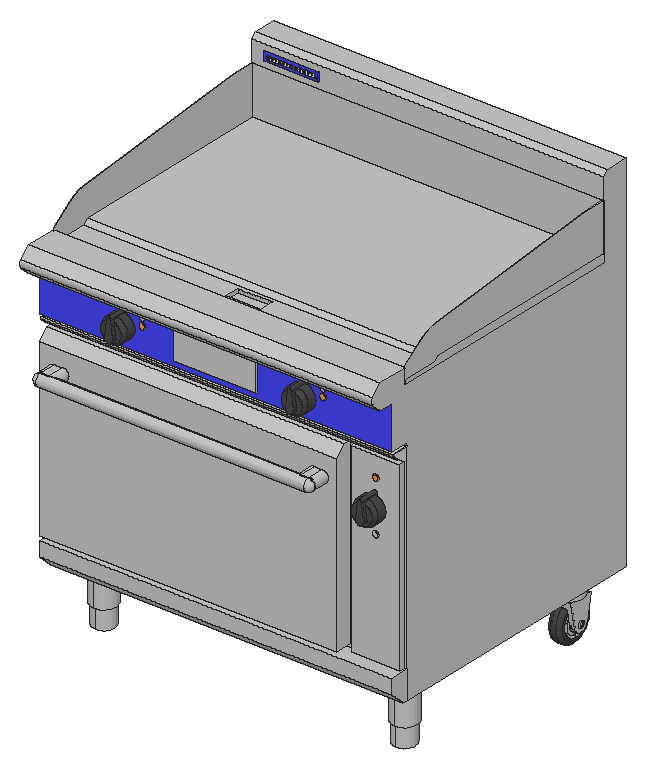
Revit family "QF_MOFFAT_BLUESEAL_AU_GPE506", category Specialty Equipment, Revit 2012
Parameters
  Width = 900 mm
  Weight in Pounds = 336  # constant formula
  Watts = 6500 W
  Volts = 400 V
  URL Cutsheet = "www.moffat.com"
  URL = "www.moffat.com"
  Type Mark [instance] = ""
  Status [instance] = ""
  Specification by User [instance] = ""
  Specification by Manufacturer = ""
  Show Logo [instance] = yes
  Show Clearance [instance] = yes
  Show Casters [instance] = yes
  Serial Number = ""
  Seismic Rating = ""
  SMACNA No = ""
  Revision Code [instance] = ""
  Phase = 3
  Omniclass Number and Title = ""
  Number of Poles [instance] = 1
  NAFEM Spec ID Number = ""
  Model = "GPE506"
  Min Ckt Ampacity = 0 A
  Mechanical Remarks = ""
  Mechanical Connection Type = ""
  Max Overcurrent Protection = 0 A
  Masterspec = ""
  Manufacturer = "MOFFAT BLUESEAL"
  Legs [instance] = no
  Item Number [instance] = ""
  Installed By [instance] = ""
  Identify Quantity as Lot [instance] = yes
  Height = 1085 mm
  HP = ""
  Gas Size = 3/4"
  Gas RI Height [instance] = 0 mm
  Gas KW = 22.2
  Gas Input = 75825.0 Btu/h
  Gas Connection Height = 0 mm
  Furnished By [instance] = ""
  Foodservice Equipment Identifier [instance] = yes
  FL Amps = 9.4 A
  Electrical Remarks [instance] = "9.4A PER PHASE"
  Electric Connection Type [instance] = ""
  Elec Conn RI Height [instance] = 0 mm
  Elec Conn Connection Height [instance] = 0 mm
  Description = "900MM GAS RANGE WITH ELECTRIC STATIC OVEN"
  Depth = 812 mm
  Cycle = 50 Hz
  Conn Plug = ""
  Conn Conduit = yes
  CSI MasterFormat = ""
  CSI Master Format = ""
  Body Finish = QF_Finishes_Stainless Steel
  Apparent Power = if(Phase = 3, Volts * FL Amps * 1.73, Volts * FL Amps)  # 6504.8 VA
Reference planes
  plane 1 "BACK": y = 0
  plane 2: z = 0
  plane 3 "LEFT": x = 0
  plane 4 "RIGHT": x = 900
  plane 5 "FRONT": y = -812
  plane 6 "TOP": z = 970
  plane 7 "Center Y": x = 450
  plane 8 "Center X": y = -406
  plane 9: x = 280
  plane 10: x = 834.5
  plane 11: y = -32
  plane 12: z = 1085
  plane 13: z = 150
  plane 14: z = 740
  plane 15: x = 65.5
  plane 16: y = -100
  plane 17: y = -625
Forms (mm)
  Extrusion 1, solid, material "QF_Finishes_Stainless Steel" <- "Body Finish"
    sketch origin (0, 0, 0) x (0, 1, 0) y (0, 0, 1)
      loop
        line (0, 150) -> (0, 1085) -> (-58.9, 1085) -> (-70, 1073.9) -> (-70, 876.94) -> (-704.45, 876.94) -> (-704.45, 915) -> (-784.74, 915) -> (-808.31, 891.429)
        arc (-808.31, 891.429) -> (-812.002, 882.517) -> (-808.31, 873.604) r 12.604
        line (-808.31, 873.604) -> (-785.265, 850.559) -> (-748.2, 850.559) -> (-748.2, 740.5) -> (-699.05, 740.5) -> (-699.05, 150) -> (0, 150)
      loop
        line (-700.429, 732.9) -> (-743.335, 732.9)
        arc (-743.335, 732.9) -> (-745.599, 731.388) -> (-745.068, 728.718) r 2.45
        line (-745.068, 728.718) -> (-730.865, 714.515) -> (-730.158, 715.222) -> (-744.36, 729.425)
        arc (-744.36, 729.425) -> (-744.675, 731.005) -> (-743.335, 731.9) r 1.45
        line (-743.335, 731.9) -> (-700.429, 731.9) -> (-700.429, 732.9)
      loop
        line (-713.1, 150) -> (-699.5, 150) -> (-699.5, 221.7) -> (-748.5, 221.7) -> (-748.5, 185.4) -> (-713.1, 150)
    from 0 to 900
  Extrusion 2, solid, material "QF_Finishes_Stainless Steel"
    sketch origin (0, 0, 0) x (0, 1, 0) y (0, 0, 1)
      loop
        line (-724.715, 700.925) -> (-748.715, 676.925) -> (-748.715, 233.675) -> (-708.715, 233.675) -> (-708.715, 700.925) -> (-724.715, 700.925)
    from 0 to 760
  Extrusion 3, solid, material "QF_Finishes_Stainless Steel"
    sketch origin (723.5, 0, 0) x (0, 1, 0) y (0, 0, 1)
      loop
        line (-708.715, 700) -> (-721, 700) -> (-721, 227.5) -> (-708.715, 227.5) -> (-708.715, 700)
    from 51.5 to 176.5
  Revolve 4, solid, material "QF_Finishes_Stainless Steel" <- "Body Finish"
    sketch origin (834.5, -696.126, 0) x (0, 1, 0) y (0, 0, -1)
      loop
        line (39.376, -150) -> (71.126, -150) -> (71.126, 0) -> (43.626, 0) -> (43.626, -50) -> (39.376, -50) -> (39.376, -150)
      axis (71.126, -150) -> (71.126, 0)
    angle from 0 to 360
  Revolve 5, solid, material "QF_Finishes_Stainless Steel" <- "Body Finish"
    sketch origin (65.5, -696.126, 0) x (0, 1, 0) y (0, 0, 1)
      loop
        line (39.376, 150) -> (39.376, 50) -> (43.626, 50) -> (43.626, 0) -> (71.126, 0) -> (71.126, 150) -> (39.376, 150)
      axis (71.126, 150) -> (71.126, 0)
    angle from 0 to 360
  Extrusion 6, solid, material "QF_Finishes_Stainless Steel"
    sketch origin (0, 0, 740) x (0, 1, 0) y (1, 0, 0)
      loop
        circle (-32, 770) r 10
    from 0 to -3
  Revolve 7, solid, material "QF_Finishes_Black"
    sketch origin (837.495, 73.874, -213.6) x (0, 1, 0) y (0, 0, 1)
      loop
        line (-827.874, 829.5) -> (-838.874, 823.651) -> (-838.874, 797) -> (-794.874, 797) -> (-794.874, 802) -> (-804.874, 802) -> (-804.874, 829.5) -> (-827.874, 829.5)
      axis (-838.874, 797) -> (-794.874, 797)
    angle from 0 to 360
  Extrusion 8, solid, material "QF_Finishes_Black"
    sketch origin (689.688, 35, -213.6) x (1, 0, 0) y (0, 0, 1)
      loop
        line (158.226, 786.195) -> (152.806, 829.113)
        arc (152.806, 829.113) -> (147.807, 834) -> (142.808, 829.113) r 5
        line (142.808, 829.113) -> (137.319, 785.028)
        arc (137.319, 785.028) -> (148.391, 774.529) -> (158.226, 786.195) r 10.487
    from 759 to 808
  Extrusion 9, solid, material "QF_Door-Drawer Clearances", visible <- "Show Clearance", detail levels coarse
    sketch origin (0, 0, 0) x (0, -1, 0) y (0, 0, 1)
      loop
        line (748.715, 703.522) -> (748.715, 233.675) -> (1218.562, 233.675)
        arc (1218.562, 233.675) -> (1080.947, 565.907) -> (748.715, 703.522) r 469.847
    from 0 to -760
  Extrusion 10, void
    sketch origin (0, 0, 222.5) x (1, 0, 0) y (0, 1, 0)
      loop
        line (824, -87) -> (824, 0) -> (694, 0) -> (694, -39) -> (744, -87) -> (824, -87)
    from 0 to 517.5
  Extrusion 11, solid, material "QF_Finishes_Stainless Steel"
    sketch origin (0, -749, 227.5) x (0, 0, 1) y (-1, 0, 0)
      loop
        line (380.625, -38.246) -> (380.625, -58.528)
        arc (380.625, -58.528) -> (395.625, -73.528) -> (410.625, -58.528) r 15
        line (410.625, -58.528) -> (410.625, -38.246)
        arc (410.625, -38.246) -> (395.625, -23.246) -> (380.625, -38.246) r 15
      loop
        arc (380.625, -723.039) -> (395.625, -738.039) -> (410.625, -723.039) r 15
        line (410.625, -723.039) -> (410.625, -702.757)
        arc (410.625, -702.757) -> (395.625, -687.757) -> (380.625, -702.757) r 15
        line (380.625, -702.757) -> (380.625, -723.039)
    from 0 to 44
  Revolve 12, solid, material "QF_Finishes_Stainless Steel"
    sketch origin (0, -793, 0) x (1, 0, 0) y (0, 0, 1)
      loop
        arc (738.039, 623.125) -> (733.646, 633.732) -> (723.039, 638.125) r 15
        line (723.039, 638.125) -> (38.246, 638.125)
        arc (38.246, 638.125) -> (27.64, 633.732) -> (23.246, 623.125) r 15
        line (23.246, 623.125) -> (738.039, 623.125)
      axis (738.039, 623.125) -> (23.246, 623.125)
    angle from 0 to 360
  Revolve 13, solid, material "QF_Finishes_Black"
    sketch origin (217.5, 14.8, 598.3) x (0, 1, 0) y (0, 0, -1)
      loop
        line (-796, -229.5) -> (-773, -229.5) -> (-773, -202) -> (-763, -202) -> (-763, -197) -> (-807, -197) -> (-807, -223.651) -> (-796, -229.5)
      axis (-807, -197) -> (-763, -197)
    angle from 0 to 360
  Extrusion 14, solid, material "QF_Finishes_Black"
    sketch origin (355.77, 7.8, 598.458) x (-1, 0, 0) y (0, 0, -1)
      loop
        line (127.85, -186.037) -> (133.271, -228.955)
        arc (133.271, -228.955) -> (138.27, -233.842) -> (143.268, -228.955) r 5
        line (143.268, -228.955) -> (148.757, -184.87)
        arc (148.757, -184.87) -> (137.685, -174.371) -> (127.85, -186.037) r 10.487
    from 759 to 808
  Extrusion 15, solid, material "QF_Finishes_Stainless Steel"
    sketch origin (-295, -748.2, 866) x (0, 0, -1) y (1, 0, 0)
      loop
        line (24, 640) -> (110.5, 640) -> (110.5, 850) -> (24, 850) -> (24, 640)
    from 0 to 2.5
  Extrusion 16, solid, material "QF_Finishes_Stainless Steel"
    sketch origin (-295, -750.7, 866) x (0, 0, -1) y (1, 0, 0)
      loop
        line (31, 850) -> (24, 850) -> (24, 640) -> (31, 640) -> (31, 850)
    from 0 to 5
  Revolve 17, solid, material "QF_Finishes_Black"
    sketch origin (680.116, 14.8, 598.3) x (0, 1, 0) y (0, 0, 1)
      loop
        line (-796, 229.5) -> (-807, 223.651) -> (-807, 197) -> (-763, 197) -> (-763, 202) -> (-773, 202) -> (-773, 229.5) -> (-796, 229.5)
      axis (-807, 197) -> (-763, 197)
    angle from 0 to 360
  Extrusion 18, solid, material "QF_Finishes_Black"
    sketch origin (541.846, 7.8, 598.458) x (1, 0, 0) y (0, 0, 1)
      loop
        line (148.689, 186.037) -> (143.268, 228.955)
        arc (143.268, 228.955) -> (138.27, 233.842) -> (133.271, 228.955) r 5
        line (133.271, 228.955) -> (127.782, 184.87)
        arc (127.782, 184.87) -> (138.854, 174.371) -> (148.689, 186.037) r 10.487
    from 759 to 808
  Extrusion 19, solid, material "QF_Finishes_Orange"
    sketch origin (0, -748.2, 866) x (0, 0, -1) y (1, 0, 0)
      loop
        circle (60.7, 725.121) r 7.15
      loop
        circle (60.7, 262.505) r 7.15
    from 0 to 1
  Extrusion 20, solid, material "QF_Finishes_Stainless Steel"
    sketch origin (0, -748.2, 866) x (0, 0, -1) y (1, 0, 0)
      loop
        circle (40.7, 725.121) r 7.15
      loop
        circle (40.7, 262.505) r 7.15
    from 0 to 1
  Revolve 21, solid, material "QF_Finishes_Stainless Steel", visible <- "Legs"
    sketch origin (834.5, -210, 0) x (0, 1, 0) y (0, 0, -1)
      loop
        line (78.25, -150) -> (110, -150) -> (110, 0) -> (82.5, 0) -> (82.5, -50) -> (78.25, -50) -> (78.25, -150)
      axis (110, -150) -> (110, 0)
    angle from 0 to 360
  Revolve 22, solid, material "QF_Finishes_Stainless Steel", visible <- "Legs"
    sketch origin (65, -210, 0) x (0, 1, 0) y (0, 0, -1)
      loop
        line (78.25, -150) -> (110, -150) -> (110, 0) -> (82.5, 0) -> (82.5, -50) -> (78.25, -50) -> (78.25, -150)
      axis (110, -150) -> (110, 0)
    angle from 0 to 360
  Revolve 23, solid, material "QF_Finishes_Stainless Steel", visible <- "Legs"
    sketch origin (65.5, -166, 0) x (0, 1, 0) y (0, 0, 1)
      loop
        line (34.25, 150) -> (34.25, 50) -> (38.5, 50) -> (38.5, 0) -> (66, 0) -> (66, 150) -> (34.25, 150)
      axis (66, 150) -> (66, 0)
    angle from 0 to 360
  Revolve 24, solid, material "QF_Finishes_Stainless Steel", visible <- "Legs"
    sketch origin (835, -166, 0) x (0, 1, 0) y (0, 0, -1)
      loop
        line (34.25, -150) -> (66, -150) -> (66, 0) -> (38.5, 0) -> (38.5, -50) -> (34.25, -50) -> (34.25, -150)
      axis (66, -150) -> (66, 0)
    angle from 0 to 360
  Revolve 25, solid, material "QF_Finishes_Stainless Steel", visible <- "Show Casters"
    sketch origin (16.276, -100.755, -13.653) x (1, 0, 0) y (0, 0, 1)
      loop
        line (14.841, 63.604) -> (83.584, 63.604) -> (83.584, 67.109) -> (82.314, 68.379) -> (80.79, 68.379) -> (80.79, 71.826) -> (68.644, 71.826) -> (68.644, 81.79) -> (65.088, 83.843) -> (63.738, 92.179) -> (65.881, 92.179) -> (65.881, 98.529) -> (65.088, 98.529) -> (65.088, 104.879)
        arc (65.088, 104.879) -> (62.298, 111.614) -> (55.563, 114.404) r 9.525
        line (55.563, 114.404) -> (42.863, 114.404)
        arc (42.863, 114.404) -> (36.127, 111.614) -> (33.338, 104.879) r 9.525
        line (33.338, 104.879) -> (33.338, 98.529) -> (32.544, 98.529) -> (32.544, 92.179) -> (34.687, 92.179) -> (33.352, 83.932) -> (29.782, 81.871) -> (29.782, 71.826) -> (17.635, 71.826) -> (17.635, 68.379) -> (16.111, 68.379) -> (14.841, 67.109) -> (14.841, 63.604)
      axis (14.841, 63.604) -> (83.584, 63.604)
    angle from 0 to 360
  Extrusion 26, solid, material "QF_Finishes_Stainless Steel", visible <- "Show Casters"
    sketch origin (72.001, 132.353, -8.783) x (0, 1, 0) y (0, 0, 1)
      loop
        line (-200.603, 118.783) -> (-264.103, 118.783) -> (-251.746, 53.895)
        arc (-251.746, 53.895) -> (-232.353, 38.783) -> (-212.959, 53.895) r 20
        line (-212.959, 53.895) -> (-200.603, 118.783)
    from -35.667 to 22.923
  Revolve 27, solid, material "QF_Finishes_Stainless Steel", visible <- "Show Casters"
    sketch origin (65.5, -204, 0) x (0, 1, 0) y (0, 0, 1)
      loop
        line (68.25, 150) -> (68.25, 110) -> (104, 110) -> (104, 150) -> (68.25, 150)
      axis (104, 150) -> (104, 110)
    angle from 0 to 360
  Revolve 28, solid, material "QF_Finishes_Stainless Steel", visible <- "Legs"
    sketch origin (65.5, -166, 0) x (0, 1, 0) y (0, 0, 1)
      loop
        line (34.25, 150) -> (34.25, 50) -> (38.5, 50) -> (38.5, 0) -> (66, 0) -> (66, 150) -> (34.25, 150)
      axis (66, 150) -> (66, 0)
    angle from 0 to 360
  Extrusion 29, solid, material "QF_Finishes_Stainless Steel", visible <- "Show Casters"
    sketch origin (841.501, 132.353, -8.783) x (0, 1, 0) y (0, 0, 1)
      loop
        line (-200.603, 118.783) -> (-264.103, 118.783) -> (-251.746, 53.895)
        arc (-251.746, 53.895) -> (-232.353, 38.783) -> (-212.959, 53.895) r 20
        line (-212.959, 53.895) -> (-200.603, 118.783)
    from -35.667 to 22.923
  Revolve 30, solid, material "QF_Finishes_Stainless Steel", visible <- "Show Casters"
    sketch origin (835, -204, 0) x (0, 1, 0) y (0, 0, 1)
      loop
        line (68.25, 150) -> (68.25, 110) -> (104, 110) -> (104, 150) -> (68.25, 150)
      axis (104, 150) -> (104, 110)
    angle from 0 to 360
  Revolve 31, solid, material "QF_Finishes_Stainless Steel", visible <- "Show Casters"
    sketch origin (786.276, -100.755, -13.653) x (1, 0, 0) y (0, 0, 1)
      loop
        line (14.841, 63.604) -> (83.584, 63.604) -> (83.584, 67.109) -> (82.314, 68.379) -> (80.79, 68.379) -> (80.79, 71.826) -> (68.644, 71.826) -> (68.644, 81.79) -> (65.088, 83.843) -> (63.738, 92.179) -> (65.881, 92.179) -> (65.881, 98.529) -> (65.088, 98.529) -> (65.088, 104.879)
        arc (65.088, 104.879) -> (62.298, 111.614) -> (55.563, 114.404) r 9.525
        line (55.563, 114.404) -> (42.863, 114.404)
        arc (42.863, 114.404) -> (36.127, 111.614) -> (33.338, 104.879) r 9.525
        line (33.338, 104.879) -> (33.338, 98.529) -> (32.544, 98.529) -> (32.544, 92.179) -> (34.687, 92.179) -> (33.352, 83.932) -> (29.782, 81.871) -> (29.782, 71.826) -> (17.635, 71.826) -> (17.635, 68.379) -> (16.111, 68.379) -> (14.841, 67.109) -> (14.841, 63.604)
      axis (14.841, 63.604) -> (83.584, 63.604)
    angle from 0 to 360
  Extrusion 32, solid, material "QF_Finishes_Stainless Steel"
    sketch origin (723.5, -721, 700) x (0, 0, -1) y (1, 0, 0)
      loop
        circle (181.6, 114) r 7.15
    from 0 to 1
  Extrusion 33, solid, material "QF_Finishes_Orange"
    sketch origin (723.5, -721, 700) x (0, 0, -1) y (1, 0, 0)
      loop
        circle (51.6, 114) r 7.15
    from 0 to 1
  Extrusion 34, solid, material "QF_Finishes_Stainless Steel"
    sketch origin (0, -703.73, 150) x (1, 0, 0) y (0, -1, 0)
      loop
        circle (875, -245.73) r 9.5
      loop
        circle (831, -219.73) r 9.5
    from 0 to 1
Cuts and joins
  Extrusion 10 cuts Extrusion 1
Lines and regions (mm)
  Split face 1
    outline origin (900, 0, 1085) x (-1, 0, 0) y (0, -1, 0)
      loop
        arc (44, 45.385) -> (35.34, 40.385) -> (35.34, 30.385) r 10
        line (35.34, 30.385) -> (39.381, 23.385)
        arc (39.381, 23.385) -> (43.041, 19.725) -> (48.041, 18.385) r 10
        line (48.041, 18.385) -> (276, 18.385)
        arc (276, 18.385) -> (284.66, 23.385) -> (284.66, 33.385) r 10
        line (284.66, 33.385) -> (280.619, 40.385)
        arc (280.619, 40.385) -> (276.959, 44.045) -> (271.959, 45.385) r 10
        line (271.959, 45.385) -> (44, 45.385)
  Split face 2
    outline origin (900, 0, 1085) x (-1, 0, 0) y (0, -1, 0)
      loop
        arc (334, 45.385) -> (325.34, 40.385) -> (325.34, 30.385) r 10
        line (325.34, 30.385) -> (329.381, 23.385)
        arc (329.381, 23.385) -> (333.041, 19.725) -> (338.041, 18.385) r 10
        line (338.041, 18.385) -> (566, 18.385)
        arc (566, 18.385) -> (574.66, 23.385) -> (574.66, 33.385) r 10
        line (574.66, 33.385) -> (570.619, 40.385)
        arc (570.619, 40.385) -> (566.959, 44.045) -> (561.959, 45.385) r 10
        line (561.959, 45.385) -> (334, 45.385)
  Split face 3
    outline origin (900, 0, 1085) x (-1, 0, 0) y (0, -1, 0)
      loop
        arc (624, 45.385) -> (615.34, 40.385) -> (615.34, 30.385) r 10
        line (615.34, 30.385) -> (619.381, 23.385)
        arc (619.381, 23.385) -> (623.041, 19.725) -> (628.041, 18.385) r 10
        line (628.041, 18.385) -> (856, 18.385)
        arc (856, 18.385) -> (864.66, 23.385) -> (864.66, 33.385) r 10
        line (864.66, 33.385) -> (860.619, 40.385)
        arc (860.619, 40.385) -> (856.959, 44.045) -> (851.959, 45.385) r 10
        line (851.959, 45.385) -> (624, 45.385)
  symbolic lines, style "QF_Door-Drawer Clearances", visible <- "Show Clearance"
    curve 1: line (0, -1218.562, 0) -> (0, -812, 0)
    curve 2: line (0, -1218.562, 0) -> (760, -1218.562, 0)
    curve 3: line (760, -1218.562, 0) -> (760, -812, 0)
  symbolic lines, style "SpecialityEquipmentHiddenLines", visible <- "Show Casters"
    curve 4: line (78.456, -46.735, 0) -> (105.952, -62.61, 0)
    curve 5: line (27.656, -134.723, 0) -> (78.456, -46.735, 0)
    curve 6: line (55.152, -150.598, 0) -> (27.656, -134.723, 0)
    curve 7: line (105.952, -62.61, 0) -> (55.152, -150.598, 0)
    curve 8: line (824.652, -150.598, 0) -> (797.156, -134.723, 0)
    curve 9: line (875.452, -62.61, 0) -> (824.652, -150.598, 0)
    curve 10: line (847.956, -46.735, 0) -> (797.156, -134.723, 0)
    curve 11: line (875.452, -62.61, 0) -> (847.956, -46.735, 0)
  symbolic lines
    curve 12: line (44, -18.385, 0) -> (271.959, -18.385, 0)
    curve 13: arc (271.959, -18.385, 0) -> (276.959, -19.725, 0) -> (280.619, -23.385, 0) r 10
    curve 14: line (280.619, -23.385, 0) -> (284.66, -30.385, 0)
    curve 15: arc (284.66, -30.385, 0) -> (284.66, -40.385, 0) -> (276, -45.385, 0) r 10
    curve 16: line (276, -45.385, 0) -> (48.041, -45.385, 0)
    curve 17: arc (48.041, -45.385, 0) -> (43.041, -44.045, 0) -> (39.381, -40.385, 0) r 10
    curve 18: line (39.381, -40.385, 0) -> (35.34, -33.385, 0)
    curve 19: arc (35.34, -33.385, 0) -> (35.34, -23.385, 0) -> (44, -18.385, 0) r 10
    curve 20: line (334, -18.385, 0) -> (561.959, -18.385, 0)
    curve 21: arc (561.959, -18.385, 0) -> (566.959, -19.725, 0) -> (570.619, -23.385, 0) r 10
    curve 22: line (570.619, -23.385, 0) -> (574.66, -30.385, 0)
    curve 23: arc (574.66, -30.385, 0) -> (574.66, -40.385, 0) -> (566, -45.385, 0) r 10
    curve 24: line (566, -45.385, 0) -> (338.041, -45.385, 0)
    curve 25: arc (338.041, -45.385, 0) -> (333.041, -44.045, 0) -> (329.381, -40.385, 0) r 10
    curve 26: line (329.381, -40.385, 0) -> (325.34, -33.385, 0)
    curve 27: arc (325.34, -33.385, 0) -> (325.34, -23.385, 0) -> (334, -18.385, 0) r 10
    curve 28: line (851.959, -18.385, 0) -> (624, -18.385, 0)
    curve 29: arc (624, -18.385, 0) -> (615.34, -23.385, 0) -> (615.34, -33.385, 0) r 10
    curve 30: line (615.34, -33.385, 0) -> (619.381, -40.385, 0)
    curve 31: arc (619.381, -40.385, 0) -> (623.041, -44.045, 0) -> (628.041, -45.385, 0) r 10
    curve 32: line (628.041, -45.385, 0) -> (856, -45.385, 0)
    curve 33: arc (856, -45.385, 0) -> (864.66, -40.385, 0) -> (864.66, -30.385, 0) r 10
    curve 34: line (864.66, -30.385, 0) -> (860.619, -23.385, 0)
    curve 35: arc (860.619, -23.385, 0) -> (856.959, -19.725, 0) -> (851.959, -18.385, 0) r 10
    curve 36: line (900, 0, 0) -> (0, 0, 0)
    curve 37: line (0, 0, 0) -> (0, -812, 0)
    curve 38: line (900, -812, 0) -> (900, 0, 0)
    curve 39: line (0, -784.7, 0) -> (900, -784.7, 0)
    curve 40: line (0, -812, 0) -> (900, -812, 0)
    curve 41: line (0, -58.9, 0) -> (900, -58.9, 0)
    curve 42: line (0, -70, 0) -> (900, -70, 0)
Dimensions and locks
  equal spacing: plane 3 "LEFT", plane 7 "Center Y", plane 4 "RIGHT"
  "Width": plane 3 "LEFT" to plane 4 "RIGHT"
  equal spacing: plane 5 "FRONT", plane 8 "Center X", plane 1 "BACK"
  plane 5 "FRONT" to plane 1 "BACK" = 812 mm  (x2)
  equal spacing: plane 4 "RIGHT", plane 7 "Center Y", plane 3 "LEFT"
  plane 4 "RIGHT" to plane 3 "LEFT" = 900 mm
  plane 6 "TOP" to plane 2 = 970 mm
  plane 12 to plane 2 = 1085 mm
  plane 13 to plane 2 = 150 mm
  plane 14 to plane 2 = 740 mm
  Revolve 25 sketch curve to Revolve 25 sketch curve = 50.8 mm
  Revolve 31 sketch curve to Revolve 31 sketch curve = 50.8 mm
  cut or joined group of Extrusion 1, Extrusion 10 to plane 2 = 915 mm
  aligned and locked: level to plane 2
Automatic sketch dimensions
  Extrusion 2 sketch curve to plane 5 "FRONT" = 63.285 mm  (x2)
  Extrusion 2 sketch curve to Extrusion 2 sketch curve = 24 mm
  Extrusion 2 sketch curve to Extrusion 2 sketch curve = 40 mm
  Extrusion 2 sketch curve to plane 13 = 83.675 mm
  Extrusion 2 sketch curve to plane 14 = 63.075 mm
  Extrusion 2 sketch curve to plane 14 = 39.075 mm
  Extrusion 3 sketch curve to plane 14 = 40 mm
  Extrusion 3 sketch curve to plane 5 "FRONT" = 91 mm
  Extrusion 3 sketch curve to Extrusion 3 sketch curve = 12.285 mm  (x2)
  Extrusion 3 sketch curve to plane 13 = 77.5 mm
  plane 13 to Revolve 4 sketch curve = 0 mm
  Revolve 4 sketch curve to level = 0 mm
  Revolve 4 sketch curve to plane 17 = 0 mm  (x2)
  Revolve 4 sketch curve to Revolve 4 sketch curve = 27.5 mm
  plane 17 to Revolve 4 sketch curve = 31.75 mm
  level to Revolve 4 sketch curve = 50 mm
  Revolve 4 sketch curve to Revolve 4 sketch curve = 0 mm
  Revolve 4 sketch curve to Revolve 4 sketch curve = 55 mm
  plane 13 to Revolve 5 sketch curve = 0 mm
  Revolve 5 sketch curve to level = 0 mm
  Revolve 5 sketch curve to plane 17 = 0 mm  (x2)
  Revolve 5 sketch curve to Revolve 5 sketch curve = 27.5 mm
  plane 17 to Revolve 5 sketch curve = 31.75 mm
  Revolve 5 sketch curve to level = 55 mm
  Revolve 5 sketch curve to Revolve 5 sketch curve = 50 mm
  Revolve 5 sketch curve to Revolve 5 sketch curve = 0 mm
  Extrusion 10 to Extrusion 6 sketch curve = 32 mm
  Extrusion 10 to Extrusion 6 sketch curve = 54 mm
  Revolve 7 sketch curve to plane 5 "FRONT" = 47 mm
  Revolve 7 sketch curve to Revolve 7 sketch curve = 0 mm  (x2)
  Revolve 7 sketch curve to Revolve 7 sketch curve = 11 mm
  Revolve 7 sketch curve to Revolve 7 sketch curve = 12.7 mm
  Revolve 7 sketch curve to Revolve 7 sketch curve = 23 mm
  Revolve 7 sketch curve to Revolve 7 sketch curve = 10 mm
  Revolve 7 sketch curve to plane 14 = 156.6 mm
  Revolve 7 sketch curve to Revolve 7 sketch curve = 5 mm
  Revolve 7 sketch curve to Revolve 7 sketch curve = 26.651 mm
  Revolve 7 sketch curve to Revolve 7 sketch curve = 5.849 mm
  Extrusion 8 sketch curve to plane 10 = 7.492 mm
  Extrusion 8 sketch curve to plane 10 = 2.003 mm
  plane 10 to Extrusion 8 sketch curve = 2.995 mm  (x2)
  Extrusion 8 sketch curve to Extrusion 8 sketch curve = 4.999 mm
  Extrusion 8 sketch curve to Extrusion 8 sketch curve = 10.419 mm
  Extrusion 8 sketch curve to plane 14 = 168.6 mm
  Extrusion 8 sketch curve to Extrusion 8 sketch curve = 0.028 mm
  Extrusion 8 sketch curve to Extrusion 8 sketch curve = 44 mm
  Extrusion 8 sketch curve to Extrusion 8 sketch curve = 0.113 mm
  Extrusion 9 sketch curve to plane 5 "FRONT" = 63.285 mm
  Extrusion 9 sketch curve to plane 13 = 83.675 mm
  plane 5 "FRONT" to Extrusion 9 sketch curve = 406.562 mm
  plane 1 "BACK" to Extrusion 10 sketch curve = 0 mm
  Extrusion 10 sketch curve to plane 11 = 7 mm
  Extrusion 10 sketch curve to plane 10 = 140.5 mm
  Extrusion 10 sketch curve to plane 16 = 13 mm
  Extrusion 10 sketch curve to Extrusion 10 sketch curve = 50 mm
  Extrusion 10 sketch curve to plane 10 = 10.5 mm
  Extrusion 11 sketch curve to plane 15 = 6.972 mm
  Extrusion 11 sketch curve to plane 14 = 131.875 mm  (x2)
  Extrusion 11 sketch curve to Extrusion 11 sketch curve = 15 mm  (x2)
  Extrusion 11 sketch curve to plane 10 = 131.743 mm
  Extrusion 11 sketch curve to Extrusion 11 sketch curve = 20.282 mm  (x2)
  Revolve 12 sketch curve to plane 3 "LEFT" = 6.961 mm
  plane 3 "LEFT" to Revolve 12 sketch curve = 23.246 mm
  Revolve 12 sketch curve to Revolve 12 sketch curve = 15 mm
  plane 7 "Center Y" to Revolve 12 sketch curve = 138.039 mm
  Revolve 12 sketch curve to plane 10 = 111.461 mm
  Revolve 12 sketch curve to plane 14 = 116.875 mm
  Revolve 12 sketch curve to Revolve 12 sketch curve = 0 mm
  Revolve 13 sketch curve to plane 5 "FRONT" = 19.8 mm
  Revolve 13 sketch curve to Revolve 13 sketch curve = 0 mm  (x2)
  Revolve 13 sketch curve to Revolve 13 sketch curve = 11 mm
  Revolve 13 sketch curve to Revolve 13 sketch curve = 12.7 mm
  Revolve 13 sketch curve to Revolve 13 sketch curve = 23 mm
  Revolve 13 sketch curve to Revolve 13 sketch curve = 10 mm
  plane 14 to Revolve 13 sketch curve = 87.8 mm
  Revolve 13 sketch curve to Revolve 13 sketch curve = 5.849 mm
  Revolve 13 sketch curve to Revolve 13 sketch curve = 27.5 mm
  Revolve 13 sketch curve to Revolve 13 sketch curve = 5 mm
  Extrusion 14 sketch curve to plane 9 = 52.081 mm
  Extrusion 14 sketch curve to Extrusion 14 sketch curve = 5.421 mm
  Extrusion 14 sketch curve to Extrusion 14 sketch curve = 10.419 mm
  Extrusion 14 sketch curve to Extrusion 14 sketch curve = 4.999 mm  (x2)
  Extrusion 14 sketch curve to Extrusion 14 sketch curve = 10.487 mm
  plane 14 to Extrusion 14 sketch curve = 87.413 mm
  Extrusion 14 sketch curve to Extrusion 14 sketch curve = 0.113 mm
  Extrusion 14 sketch curve to Extrusion 14 sketch curve = 42.919 mm
  Extrusion 14 sketch curve to Extrusion 14 sketch curve = 1.167 mm
  plane 14 to Extrusion 15 sketch curve = 102 mm
  plane 14 to Extrusion 15 sketch curve = 15.5 mm
  plane 9 to Extrusion 15 sketch curve = 65 mm
  plane 7 "Center Y" to Extrusion 15 sketch curve = 105 mm
  Extrusion 16 sketch curve to Extrusion 15 = 0 mm  (x2)
  Extrusion 15 to Extrusion 16 sketch curve = 0 mm
  Extrusion 16 sketch curve to Extrusion 15 = 7 mm
  Revolve 17 sketch curve to plane 5 "FRONT" = 19.8 mm
  Revolve 17 sketch curve to Revolve 17 sketch curve = 0 mm  (x2)
  Revolve 17 sketch curve to Revolve 17 sketch curve = 11 mm
  Revolve 17 sketch curve to Revolve 17 sketch curve = 12.7 mm
  Revolve 17 sketch curve to Revolve 17 sketch curve = 23 mm
  Revolve 17 sketch curve to Revolve 17 sketch curve = 10 mm
  plane 14 to Revolve 17 sketch curve = 55.3 mm
  Revolve 17 sketch curve to Revolve 17 sketch curve = 5 mm
  Revolve 17 sketch curve to Revolve 17 sketch curve = 26.651 mm
  Revolve 17 sketch curve to Revolve 17 sketch curve = 5.849 mm
  plane 14 to Extrusion 18 sketch curve = 43.328 mm
  Extrusion 18 sketch curve to plane 10 = 164.871 mm
  Extrusion 18 sketch curve to Extrusion 18 sketch curve = 5.489 mm
  Extrusion 18 sketch curve to Extrusion 18 sketch curve = 4.999 mm  (x2)
  Extrusion 18 sketch curve to Extrusion 18 sketch curve = 10.487 mm
  plane 14 to Extrusion 18 sketch curve = 87.413 mm
  plane 14 to Extrusion 18 sketch curve = 44.495 mm
  Extrusion 18 sketch curve to Extrusion 18 sketch curve = 10.419 mm
  Extrusion 18 sketch curve to Extrusion 18 sketch curve = 0.113 mm
  Extrusion 19 sketch curve to plane 9 = 17.495 mm
  plane 14 to Extrusion 19 sketch curve = 65.3 mm  (x2)
  Extrusion 19 sketch curve to plane 10 = 109.379 mm
  Extrusion 20 sketch curve to plane 9 = 17.495 mm
  plane 14 to Extrusion 20 sketch curve = 85.3 mm  (x2)
  Extrusion 20 sketch curve to plane 10 = 109.379 mm
  plane 13 to Revolve 21 sketch curve = 0 mm
  Revolve 21 sketch curve to level = 0 mm
  Revolve 21 sketch curve to plane 16 = 0 mm  (x2)
  Revolve 21 sketch curve to Revolve 21 sketch curve = 27.5 mm
  Revolve 21 sketch curve to Revolve 21 sketch curve = 31.75 mm
  level to Revolve 21 sketch curve = 50 mm
  Revolve 21 sketch curve to Revolve 21 sketch curve = 0 mm
  Revolve 21 sketch curve to Revolve 21 sketch curve = 55 mm
  plane 13 to Revolve 22 sketch curve = 0 mm
  Revolve 22 sketch curve to level = 0 mm
  Revolve 22 sketch curve to plane 16 = 0 mm  (x2)
  Revolve 22 sketch curve to Revolve 22 sketch curve = 27.5 mm
  Revolve 22 sketch curve to Revolve 22 sketch curve = 31.75 mm
  level to Revolve 22 sketch curve = 50 mm
  Revolve 22 sketch curve to Revolve 22 sketch curve = 0 mm
  Revolve 22 sketch curve to Revolve 22 sketch curve = 55 mm
  plane 13 to Revolve 23 sketch curve = 0 mm
  Revolve 23 sketch curve to level = 0 mm
  Revolve 23 sketch curve to plane 16 = 0 mm  (x2)
  Revolve 23 sketch curve to Revolve 23 sketch curve = 27.5 mm
  Revolve 23 sketch curve to Revolve 23 sketch curve = 31.75 mm
  Revolve 23 sketch curve to Revolve 23 sketch curve = 55 mm
  level to Revolve 23 sketch curve = 50 mm
  Revolve 23 sketch curve to Revolve 23 sketch curve = 0 mm
  plane 13 to Revolve 24 sketch curve = 0 mm
  Revolve 24 sketch curve to level = 0 mm
  Revolve 24 sketch curve to plane 16 = 0 mm  (x2)
  Revolve 24 sketch curve to Revolve 24 sketch curve = 27.5 mm
  plane 16 to Revolve 24 sketch curve = 31.75 mm
  level to Revolve 24 sketch curve = 50 mm
  Revolve 24 sketch curve to Revolve 24 sketch curve = 0 mm
  Revolve 24 sketch curve to Revolve 24 sketch curve = 55 mm
  plane 3 "LEFT" to Revolve 25 sketch curve = 31.118 mm
  Revolve 25 sketch curve to Revolve 25 sketch curve = 1.27 mm  (x4)
  Revolve 25 sketch curve to Revolve 25 sketch curve = 1.524 mm  (x2)
  Revolve 25 sketch curve to Revolve 25 sketch curve = 12.146 mm  (x2)
  Revolve 25 sketch curve to plane 15 = 16.68 mm
  Revolve 25 sketch curve to Revolve 25 sketch curve = 0.794 mm  (x2)
  Revolve 25 sketch curve to Revolve 25 sketch curve = 3.57 mm
  Revolve 25 sketch curve to Revolve 25 sketch curve = 2.143 mm
  Revolve 25 sketch curve to plane 15 = 6.361 mm
  plane 15 to Revolve 25 sketch curve = 5.13 mm
  plane 15 to Revolve 25 sketch curve = 6.339 mm
  plane 15 to Revolve 25 sketch curve = 14.515 mm
  Revolve 25 sketch curve to Revolve 25 sketch curve = 1.349 mm  (x2)
  Revolve 25 sketch curve to Revolve 25 sketch curve = 3.556 mm
  Revolve 25 sketch curve to Revolve 25 sketch curve = 33.32 mm
  level to Revolve 25 sketch curve = 49.952 mm
  Revolve 25 sketch curve to Revolve 25 sketch curve = 0 mm
  Revolve 25 sketch curve to Revolve 25 sketch curve = 3.505 mm  (x2)
  Revolve 25 sketch curve to Revolve 25 sketch curve = 3.447 mm  (x2)
  Revolve 25 sketch curve to Revolve 25 sketch curve = 9.964 mm
  Revolve 25 sketch curve to Revolve 25 sketch curve = 10.045 mm
  Revolve 25 sketch curve to Revolve 25 sketch curve = 2.053 mm
  Revolve 25 sketch curve to Revolve 25 sketch curve = 2.061 mm
  Revolve 25 sketch curve to Revolve 25 sketch curve = 8.247 mm
  Revolve 25 sketch curve to Revolve 25 sketch curve = 8.336 mm
  Revolve 25 sketch curve to Revolve 25 sketch curve = 6.35 mm  (x2)
  Extrusion 26 sketch curve to plane 16 = 0 mm
  plane 16 to Extrusion 26 sketch curve = 19.393 mm
  plane 16 to Extrusion 26 sketch curve = 31.75 mm
  Extrusion 26 sketch curve to plane 16 = 19.393 mm
  Extrusion 26 sketch curve to plane 16 = 31.75 mm
  level to Extrusion 26 sketch curve = 45.111 mm
  Extrusion 26 sketch curve to Extrusion 26 sketch curve = 4.889 mm
  plane 13 to Extrusion 26 sketch curve = 40 mm
  plane 13 to Revolve 27 sketch curve = 0 mm
  Revolve 27 sketch curve to plane 16 = 0 mm  (x2)
  plane 16 to Revolve 27 sketch curve = 35.75 mm
  plane 13 to Revolve 27 sketch curve = 40 mm
  level to Revolve 27 sketch curve = 50 mm
  Revolve 27 sketch curve to level = 55 mm
  plane 13 to Revolve 28 sketch curve = 0 mm
  Revolve 28 sketch curve to level = 0 mm
  Revolve 28 sketch curve to plane 16 = 0 mm  (x2)
  Revolve 28 sketch curve to Revolve 28 sketch curve = 27.5 mm
  Revolve 28 sketch curve to Revolve 28 sketch curve = 31.75 mm
  Revolve 28 sketch curve to Revolve 28 sketch curve = 55 mm
  level to Revolve 28 sketch curve = 50 mm
  Revolve 28 sketch curve to Revolve 28 sketch curve = 0 mm
  Extrusion 29 sketch curve to plane 16 = 0 mm
  plane 16 to Extrusion 29 sketch curve = 19.393 mm
  plane 16 to Extrusion 29 sketch curve = 31.75 mm
  Extrusion 29 sketch curve to plane 16 = 19.393 mm
  Extrusion 29 sketch curve to plane 16 = 31.75 mm
  level to Extrusion 29 sketch curve = 45.111 mm
  Extrusion 29 sketch curve to Extrusion 29 sketch curve = 4.889 mm
  plane 13 to Extrusion 29 sketch curve = 40 mm
  plane 13 to Revolve 30 sketch curve = 0 mm
  Revolve 30 sketch curve to plane 16 = 0 mm  (x2)
  Revolve 30 sketch curve to Revolve 30 sketch curve = 35.75 mm
  plane 13 to Revolve 30 sketch curve = 40 mm
  level to Revolve 30 sketch curve = 50 mm
  Revolve 30 sketch curve to level = 55 mm
  Revolve 31 sketch curve to plane 10 = 33.382 mm
  Revolve 31 sketch curve to Revolve 31 sketch curve = 1.27 mm  (x4)
  Revolve 31 sketch curve to Revolve 31 sketch curve = 1.524 mm  (x2)
  Revolve 31 sketch curve to Revolve 31 sketch curve = 12.146 mm  (x2)
  Revolve 31 sketch curve to plane 10 = 15.68 mm
  Revolve 31 sketch curve to Revolve 31 sketch curve = 0.794 mm  (x2)
  Revolve 31 sketch curve to Revolve 31 sketch curve = 3.57 mm
  Revolve 31 sketch curve to Revolve 31 sketch curve = 2.143 mm
  Revolve 31 sketch curve to plane 10 = 5.361 mm
  plane 10 to Revolve 31 sketch curve = 6.13 mm
  plane 10 to Revolve 31 sketch curve = 7.339 mm
  Revolve 31 sketch curve to Revolve 31 sketch curve = 8.176 mm
  Revolve 31 sketch curve to Revolve 31 sketch curve = 1.349 mm  (x2)
  Revolve 31 sketch curve to Revolve 31 sketch curve = 3.556 mm
  Revolve 31 sketch curve to plane 4 "RIGHT" = 3.18 mm
  level to Revolve 31 sketch curve = 49.952 mm
  Revolve 31 sketch curve to Revolve 31 sketch curve = 0 mm
  Revolve 31 sketch curve to Revolve 31 sketch curve = 3.505 mm  (x2)
  Revolve 31 sketch curve to Revolve 31 sketch curve = 3.447 mm  (x2)
  Revolve 31 sketch curve to Revolve 31 sketch curve = 9.964 mm
  Revolve 31 sketch curve to Revolve 31 sketch curve = 10.045 mm
  Revolve 31 sketch curve to Revolve 31 sketch curve = 2.053 mm
  Revolve 31 sketch curve to Revolve 31 sketch curve = 2.061 mm
  Revolve 31 sketch curve to Revolve 31 sketch curve = 8.247 mm
  Revolve 31 sketch curve to Revolve 31 sketch curve = 8.336 mm
  Revolve 31 sketch curve to Revolve 31 sketch curve = 6.35 mm  (x2)
  Split face 1 sketch curve to cut or joined group of Extrusion 1, Extrusion 10 = 35.34 mm
  Split face 1 sketch curve to Split face 1 sketch curve = 4.041 mm  (x4)
  Split face 1 sketch curve to Split face 1 sketch curve = 8.66 mm  (x2)
  Split face 1 sketch curve to cut or joined group of Extrusion 1, Extrusion 10 = 23.515 mm
  Split face 1 sketch curve to Split face 1 sketch curve = 223.917 mm
  Split face 1 sketch curve to cut or joined group of Extrusion 1, Extrusion 10 = 18.515 mm
  Split face 1 sketch curve to Split face 1 sketch curve = 10 mm
  Split face 1 sketch curve to Split face 1 sketch curve = 7 mm  (x3)
  Split face 2 sketch curve to cut or joined group of Extrusion 1, Extrusion 10 = 28.515 mm
  Split face 2 sketch curve to cut or joined group of Extrusion 1, Extrusion 10 = 325.34 mm
  Split face 2 sketch curve to cut or joined group of Extrusion 1, Extrusion 10 = 23.385 mm
  Split face 2 sketch curve to Split face 2 sketch curve = 4.041 mm  (x4)
  Split face 2 sketch curve to Split face 2 sketch curve = 8.66 mm  (x2)
  Split face 2 sketch curve to cut or joined group of Extrusion 1, Extrusion 10 = 23.515 mm
  Split face 2 sketch curve to Split face 2 sketch curve = 223.917 mm
  Split face 2 sketch curve to cut or joined group of Extrusion 1, Extrusion 10 = 18.515 mm
  Split face 2 sketch curve to Split face 2 sketch curve = 17 mm
  Split face 2 sketch curve to Split face 2 sketch curve = 7 mm
  Split face 3 sketch curve to cut or joined group of Extrusion 1, Extrusion 10 = 28.515 mm
  Split face 3 sketch curve to cut or joined group of Extrusion 1, Extrusion 10 = 284.66 mm
  Split face 3 sketch curve to cut or joined group of Extrusion 1, Extrusion 10 = 23.385 mm
  Split face 3 sketch curve to Split face 3 sketch curve = 4.041 mm  (x4)
  Split face 3 sketch curve to Split face 3 sketch curve = 8.66 mm  (x2)
  Split face 3 sketch curve to cut or joined group of Extrusion 1, Extrusion 10 = 23.515 mm
  Split face 3 sketch curve to cut or joined group of Extrusion 1, Extrusion 10 = 48.041 mm
  Split face 3 sketch curve to cut or joined group of Extrusion 1, Extrusion 10 = 18.515 mm
  Split face 3 sketch curve to Split face 3 sketch curve = 17 mm
  Split face 3 sketch curve to Split face 3 sketch curve = 7 mm
  Extrusion 3 to Extrusion 32 sketch curve = 62.5 mm
  Extrusion 3 to Extrusion 33 sketch curve = 51.6 mm
  Extrusion 3 to Extrusion 33 sketch curve = 62.5 mm
  Extrusion 3 to Extrusion 32 sketch curve = 181.6 mm
  curve 40 to plane 3 "LEFT" = 0 mm
  plane 1 "BACK" to curve 36 = 0 mm
  curve 36 to plane 4 "RIGHT" = 0 mm
  plane 5 "FRONT" to curve 40 = 0 mm
  plane 3 "LEFT" to curve 5 = 27.656 mm
  curve 18 to plane 11 = 1.385 mm
  curve 18 to plane 15 = 30.16 mm
  curve 18 to plane 11 = 8.385 mm
  curve 19 to curve 18 = 4.041 mm
  plane 11 to curve 12 = 13.615 mm
  curve 19 to curve 12 = 8.66 mm
  curve 17 to plane 11 = 3.385 mm
  curve 19 to curve 17 = 4.041 mm
  curve 6 to plane 15 = 10.348 mm
  plane 15 to curve 5 = 12.956 mm
  plane 11 to curve 13 = 3.615 mm
  curve 13 to plane 9 = 8.041 mm
  curve 15 to plane 9 = 4 mm
  plane 9 to curve 14 = 0.619 mm
  plane 11 to curve 14 = 1.615 mm
  plane 9 to curve 14 = 4.66 mm
  curve 27 to plane 11 = 1.385 mm
  curve 14 to curve 27 = 40.679 mm
  curve 26 to curve 25 = 4.041 mm
  plane 11 to curve 27 = 13.615 mm
  curve 27 to curve 27 = 8.66 mm
  curve 25 to plane 11 = 3.385 mm
  curve 27 to curve 25 = 4.041 mm
  plane 7 "Center Y" to curve 20 = 111.959 mm
  curve 23 to plane 11 = 3.385 mm
  curve 21 to curve 23 = 4.041 mm
  plane 11 to curve 22 = 8.615 mm
  curve 21 to curve 22 = 8.66 mm
  plane 11 to curve 22 = 1.615 mm
  curve 21 to curve 22 = 4.041 mm
  curve 30 to plane 11 = 1.385 mm
  curve 22 to curve 30 = 40.679 mm
  curve 30 to plane 11 = 8.385 mm
  curve 30 to curve 30 = 4.041 mm
  curve 29 to curve 29 = 8.66 mm
  curve 31 to plane 11 = 3.385 mm
  curve 29 to curve 31 = 4.041 mm
  curve 2 to plane 10 = 74.5 mm
  curve 10 to plane 10 = 37.344 mm
  curve 8 to plane 10 = 9.848 mm
  plane 10 to curve 10 = 13.456 mm
  plane 11 to curve 35 = 3.615 mm
  plane 10 to curve 35 = 17.459 mm
  curve 10 to curve 32 = 8.044 mm
  plane 11 to curve 34 = 8.615 mm
  curve 35 to curve 34 = 8.66 mm
  plane 11 to curve 34 = 1.615 mm
  curve 34 to curve 34 = 4.041 mm
  curve 1 to curve 1 = 406.562 mm
  curve 39 to plane 5 "FRONT" = 27.3 mm
  plane 16 to curve 9 = 50.598 mm
  plane 16 to curve 7 = 50.598 mm
  curve 6 to curve 6 = 15.875 mm
  curve 8 to curve 10 = 15.875 mm
  Extrusion 1 sketch curve to Extrusion 1 sketch curve = 0 mm  (x2)
  plane 13 to Extrusion 1 sketch curve = 0 mm  (x2)
  Extrusion 1 sketch curve to plane 12 = 0 mm
  Extrusion 1 sketch curve to plane 1 "BACK" = 0 mm
  Extrusion 1 sketch curve to plane 5 "FRONT" = 3.69 mm  (x2)
  Extrusion 1 sketch curve to Extrusion 1 sketch curve = 8.913 mm  (x2)
  Extrusion 1 sketch curve to plane 5 "FRONT" = 26.735 mm
  Extrusion 1 sketch curve to plane 5 "FRONT" = 27.26 mm
  Extrusion 1 sketch curve to plane 5 "FRONT" = 63.5 mm
  plane 14 to Extrusion 1 sketch curve = 0.5 mm
  Extrusion 1 sketch curve to plane 5 "FRONT" = 63.8 mm
  Extrusion 1 sketch curve to plane 14 = 11.282 mm
  Extrusion 1 sketch curve to Extrusion 1 sketch curve = 3.132 mm
  Extrusion 1 sketch curve to plane 14 = 10.575 mm
  Extrusion 1 sketch curve to Extrusion 1 sketch curve = 0.707 mm
  Extrusion 1 sketch curve to Extrusion 1 sketch curve = 1.025 mm
  Extrusion 1 sketch curve to plane 14 = 25.485 mm
  Extrusion 1 sketch curve to Extrusion 1 sketch curve = 14.202 mm
  Extrusion 1 sketch curve to Extrusion 1 sketch curve = 35.4 mm
  Extrusion 1 sketch curve to Extrusion 1 sketch curve = 43.75 mm
  Extrusion 1 sketch curve to plane 14 = 8.1 mm
  Extrusion 1 sketch curve to Extrusion 1 sketch curve = 29.729 mm
  Extrusion 1 sketch curve to Extrusion 1 sketch curve = 49 mm
  Extrusion 1 sketch curve to Extrusion 1 sketch curve = 0.45 mm
  Extrusion 1 sketch curve to plane 16 = 30 mm
  Extrusion 1 sketch curve to Extrusion 1 sketch curve = 11.1 mm
  Extrusion 1 sketch curve to plane 13 = 35.4 mm
  Extrusion 1 sketch curve to Extrusion 1 sketch curve = 36.3 mm
  Extrusion 1 sketch curve to Extrusion 1 sketch curve = 23.045 mm
  Extrusion 1 sketch curve to plane 6 "TOP" = 93.06 mm
  Extrusion 1 sketch curve to Extrusion 1 sketch curve = 38.06 mm
  Extrusion 1 sketch curve to plane 12 = 11.1 mm
  Extrusion 1 sketch curve to Extrusion 1 sketch curve = 26.381 mm
  curve 41 to plane 11 = 26.9 mm
  curve 42 to curve 41 = 11.1 mm
  Extrusion 34 sketch curve to Extrusion 1 = 69 mm
  Extrusion 34 sketch curve to Extrusion 1 = 25 mm
  Extrusion 34 sketch curve to Extrusion 1 = 458 mm
  Extrusion 34 sketch curve to Extrusion 1 = 215.05 mm
  radius of Extrusion 6 sketch curve = 10 mm
  radius of Extrusion 19 sketch curve = 7.15 mm  (x2)
  radius of Extrusion 20 sketch curve = 7.15 mm  (x2)
  radius of Extrusion 32 sketch curve = 7.15 mm
  radius of Extrusion 33 sketch curve = 7.15 mm
  radius of Extrusion 34 sketch curve = 9.5 mm  (x2)
Nested families
  nested 1: "ELECTRIC GRIDDLE PLATE" at (0, -70.003, 876.44), type "ELECTRIC GRIDDLE PLATE"
    with Type Mark "", Status "", Specification by User "", Revision Code "", Item Number "", Installed By "", Identify Quantity as Lot yes, Furnished By "", Foodservice Equipment Identifier yes
  nested 2: "WALDORF LOGO_FACE BASE" at (31.993, -70, 1057.385) x (1, 0, 0) z (0, -1, 0), visible <- "Show Logo", type "WALDORF LOGO_FACE BASE", detail levels medium+fine
    with Show Logo yes
Connectors
  electrical at (770, -32, 743), driven by "Watts", driven by "Volts"
    settings: on Extrusion 6, index 1, voltage 400 V, apparent load 6500 VA, apparent load phase1 0 VA, apparent load phase2 0 VA, apparent load phase3 0 VA, power factor 1, load classification "Other", number of poles 1, system type 30, power factor state 1, is connector primary yes, connector utility no, sub classification motor no, connector description "ELECTRICAL CONNECTION"
  electrical at (831, -484, 149)
    settings: on Extrusion 34, index 2, voltage 0 V, apparent load 0 VA, apparent load phase1 0 VA, apparent load phase2 0 VA, apparent load phase3 0 VA, power factor 1, load classification "Other", number of poles 1, system type 30, power factor state 1, is connector primary no, connector utility no, sub classification motor no, connector description "ELECTRICAL CONNECTION"
  piping at (875, -458, 149)
    settings: on Extrusion 34, index 3, connector radius 0.37402", flow factor 0, pipe flow 0 GPM, pressure drop 0.00 psi, fitting loss kfactor 0, connector angle 0.00°, fixture units 0, engagement length 0 mm, flow configuration 1, flow direction 1, fitting loss method 0, system type 19, joint type 0, gender type 0, connector reference index -1, connector utility 0, adjustable connector no, is connector primary yes, fitting loss table "", connector description "GAS CONNECTION"
Definition of nested family "ELECTRIC GRIDDLE PLATE"
  Parameters (values of type "ELECTRIC GRIDDLE PLATE")
    Weight in Pounds = 0
    URL Cutsheet = ""
    Type Mark [instance] = ""
    Status [instance] = ""
    Specification by User [instance] = ""
    Specification by Manufacturer = ""
    Serial Number = ""
    Seismic Rating = ""
    SMACNA No = ""
    Revision Code [instance] = ""
    Omniclass Number and Title = ""
    NAFEM Spec ID Number = ""
    Masterspec = ""
    Item Number [instance] = ""
    Installed By [instance] = ""
    Identify Quantity as Lot [instance] = yes
    Furnished By [instance] = ""
    Foodservice Equipment Identifier [instance] = yes
    CSI MasterFormat = ""
    CSI Master Format = ""
  Reference planes
    plane 1 "BACK": y = 0
    plane 2: z = 0
    plane 3 "LEFT": x = 0
    plane 4 "RIGHT": x = 900
    plane 5 "FRONT": y = -635
    plane 6 "TOP": z = 142.5
    plane 7 "Center Y": x = 450
    plane 8 "Center X": y = -317.5
  Forms (mm)
    Extrusion 1, solid, material "QF_Finishes_Stainless Steel"
      sketch origin (0, 70.003, -874.5) x (0, 1, 0) y (0, 0, 1)
        loop
          line (-70, 875) -> (-70, 1017) -> (-127.048, 1017) -> (-605.133, 971.023)
          arc (-605.133, 971.023) -> (-630.16, 965.303) -> (-652.906, 953.399) r 100
          line (-652.906, 953.399) -> (-705.003, 916.5) -> (-705.003, 875) -> (-70, 875)
      from 0 to 1.8
    Extrusion 2, solid, material "QF_Finishes_Stainless Steel"
      sketch origin (900, 0, 0) x (0, -1, 0) y (0, 0, 1)
        loop
          line (57.045, 142.5) -> (-0.003, 142.5) -> (-0.003, 0.5) -> (635, 0.5) -> (635, 42) -> (582.903, 78.899)
          arc (582.903, 78.899) -> (560.157, 90.803) -> (535.13, 96.523) r 100
          line (535.13, 96.523) -> (57.045, 142.5)
      from 0 to 1.8
    Extrusion 3, solid, material "QF_Finishes_Stainless Steel"
      sketch origin (150, 70.003, -874.5) x (0, 1, 0) y (0, 0, 1)
        loop
          line (-70, 895) -> (-601, 895) -> (-611.5, 884.5) -> (-704.403, 884.5) -> (-704.403, 875) -> (-70, 875) -> (-70, 895)
      from -148.2 to 750
    Extrusion 4, void
      sketch origin (150, -541.497, 10) x (0, -1, 0) y (1, 0, 0)
        loop
          line (10.6, 344.25) -> (10.6, 255.75) -> (49.1, 255.75) -> (49.1, 344.25) -> (10.6, 344.25)
      from -41.4 to 40.142
    Extrusion 5, solid, material "QF_Finishes_Stainless Steel"
      sketch origin (150, 0.003, 211.574) x (0, 0, -1) y (1, 0, 0)
        loop
          line (69.074, -148.2) -> (191.074, -148.2) -> (191.074, 750) -> (69.074, 750) -> (69.074, -148.2)
      from 0 to 1.683
  Cuts and joins
    Extrusion 4 cuts Extrusion 3
  Lines and regions (mm)
    symbolic lines
      curve 1: line (900, -530.997, 0) -> (0, -530.997, 0)
      curve 2: line (0, -541.497, 0) -> (900, -541.497, 0)
      curve 3: line (405.75, -552.097, 0) -> (405.75, -590.597, 0)
      curve 4: line (405.75, -590.597, 0) -> (494.25, -590.597, 0)
      curve 5: line (494.25, -590.597, 0) -> (494.25, -552.097, 0)
      curve 6: line (494.25, -552.097, 0) -> (405.75, -552.097, 0)
      curve 7: line (0, 0, 0) -> (900, 0, 0)
      curve 8: line (0, -635, 0) -> (0, 0, 0)
      curve 9: line (0, -635, 0) -> (900, -635, 0)
      curve 10: line (900, -635, 0) -> (900, 0, 0)
  Dimensions and locks
    equal spacing: plane 3 "LEFT", plane 7 "Center Y", plane 4 "RIGHT"
    plane 3 "LEFT" to plane 4 "RIGHT" = 900 mm
    equal spacing: plane 5 "FRONT", plane 8 "Center X", plane 1 "BACK"
    plane 5 "FRONT" to plane 1 "BACK" = 635 mm
    aligned and locked: level to plane 2
    aligned and locked: cut or joined group of Extrusion 3, Extrusion 4 to plane 4 "RIGHT"
    aligned and locked: Extrusion 5 to plane 4 "RIGHT"
  Automatic sketch dimensions
    plane 3 "LEFT" to curve 9 = 0 mm
    curve 4 to plane 7 "Center Y" = 44.25 mm
    plane 7 "Center Y" to curve 5 = 44.25 mm
    curve 3 to plane 5 "FRONT" = 44.403 mm
    curve 3 to curve 3 = 38.5 mm
    curve 2 to plane 5 "FRONT" = 93.503 mm
    curve 2 to curve 1 = 10.5 mm
    plane 1 "BACK" to curve 8 = 0 mm
    Extrusion 1 sketch curve to plane 5 "FRONT" = 0 mm
    Extrusion 1 sketch curve to plane 6 "TOP" = 0 mm
    Extrusion 1 sketch curve to plane 5 "FRONT" = 52.097 mm
    Extrusion 1 sketch curve to plane 6 "TOP" = 45.977 mm
    Extrusion 1 sketch curve to Extrusion 1 sketch curve = 47.773 mm
    Extrusion 1 sketch curve to level = 3.016 mm
    Extrusion 1 sketch curve to Extrusion 1 sketch curve = 9.585 mm
    plane 1 "BACK" to Extrusion 1 sketch curve = 57.045 mm
    Extrusion 1 sketch curve to plane 1 "BACK" = 0.003 mm
    level to Extrusion 1 sketch curve = 0.5 mm
    Extrusion 1 sketch curve to Extrusion 1 sketch curve = 41.5 mm
    Extrusion 3 sketch curve to plane 5 "FRONT" = 0.6 mm
    level to Extrusion 3 sketch curve = 10 mm
    Extrusion 3 sketch curve to Extrusion 3 sketch curve = 92.903 mm
    Extrusion 3 sketch curve to Extrusion 3 sketch curve = 10.5 mm  (x2)
    Extrusion 3 sketch curve to plane 1 "BACK" = 0.003 mm
    level to Extrusion 3 sketch curve = 0.5 mm
    Extrusion 3 to Extrusion 4 sketch curve = 10.6 mm
    Extrusion 4 sketch curve to Extrusion 4 sketch curve = 38.5 mm
    Extrusion 3 to Extrusion 4 sketch curve = 494.25 mm
    Extrusion 4 sketch curve to Extrusion 4 sketch curve = 88.5 mm
    Extrusion 5 sketch curve to plane 6 "TOP" = 0 mm
    level to Extrusion 5 sketch curve = 20.5 mm
    plane 3 "LEFT" to Extrusion 5 sketch curve = 1.8 mm
    plane 7 "Center Y" to Extrusion 5 sketch curve = 450 mm
    plane 5 "FRONT" to curve 9 = 0 mm
    Extrusion 2 sketch curve to plane 6 "TOP" = 0 mm
    Extrusion 2 sketch curve to plane 5 "FRONT" = 0 mm
    Extrusion 2 sketch curve to plane 5 "FRONT" = 52.097 mm
    Extrusion 2 sketch curve to Extrusion 2 sketch curve = 47.773 mm
    Extrusion 2 sketch curve to level = 3.016 mm
    Extrusion 2 sketch curve to Extrusion 2 sketch curve = 57.358 mm
    plane 1 "BACK" to Extrusion 2 sketch curve = 57.045 mm
    Extrusion 2 sketch curve to plane 1 "BACK" = 0.003 mm
    level to Extrusion 2 sketch curve = 0.5 mm
    Extrusion 2 sketch curve to Extrusion 2 sketch curve = 41.5 mm
    Extrusion 2 sketch curve to plane 6 "TOP" = 63.601 mm
    curve 10 to plane 4 "RIGHT" = 0 mm
Definition of nested family "WALDORF LOGO_FACE BASE"
  Parameters (values of type "WALDORF LOGO_FACE BASE")
    Show Logo [instance] = yes
    Default Elevation = 1219.2 mm
  Reference planes
    plane 1 "Center (Front/Back)": y = 0
    plane 2: z = 0
    plane 3 "Center (Left/Right)": x = 0
  Forms (mm)
    Extrusion 1, solid
      sketch origin (0, 0, 0) x (1, 0, 0) y (0, 1, 0)
        loop
          line (-1219.2, 1219.2) -> (-1219.2, -1219.2) -> (1219.2, -1219.2) -> (1219.2, 1219.2) -> (-1219.2, 1219.2)
      from 0 to -304.8
    Extrusion 2, solid, material "QF_Finishes_Blue", visible <- "Show Logo"
      sketch origin (0, -33.217, 0) x (1, 0, 0) y (0, 1, 0)
        loop
          arc (138, 31.942) -> (137.626, 32.844) -> (136.724, 33.217) r 1.276
          line (136.724, 33.217) -> (1.29, 33.217)
          arc (1.29, 33.217) -> (0.378, 32.839) -> (0, 31.927) r 1.29
          line (0, 31.927) -> (0, 11.507)
          arc (0, 11.507) -> (0.378, 10.595) -> (1.29, 10.217) r 1.29
          line (1.29, 10.217) -> (136.71, 10.217)
          arc (136.71, 10.217) -> (137.622, 10.595) -> (138, 11.507) r 1.29
          line (138, 11.507) -> (138, 31.942)
      from 0 to 1.588
    Extrusion 3, solid, material "QF_Finishes_White", visible <- "Show Logo"
      sketch origin (0, -33.217, 1.588) x (1, 0, 0) y (0, 1, 0)
        loop
          arc (108.946, 25.919) -> (107.613, 25.367) -> (107.061, 24.034) r 1.885
          line (107.061, 24.034) -> (107.061, 17.211) -> (112.704, 17.211) -> (112.704, 19.129) -> (115.546, 19.129) -> (115.546, 17.211) -> (121.584, 17.211) -> (121.584, 24.075)
          arc (121.584, 24.075) -> (121.043, 25.379) -> (119.739, 25.919) r 1.845
          line (119.739, 25.919) -> (108.946, 25.919)
        loop
          line (123.478, 25.919) -> (123.478, 17.163) -> (134.904, 17.163) -> (134.904, 19.129) -> (129.246, 19.129) -> (129.246, 25.919) -> (123.478, 25.919)
        loop
          line (112.704, 21.258) -> (115.546, 21.258) -> (115.546, 22.702)
          arc (115.546, 22.702) -> (115.344, 23.188) -> (114.858, 23.389) r 0.687
          line (114.858, 23.389) -> (113.363, 23.389)
          arc (113.363, 23.389) -> (112.897, 23.196) -> (112.704, 22.73) r 0.658
          line (112.704, 22.73) -> (112.704, 21.258)
        loop
          line (105.071, 25.919) -> (93.771, 25.919) -> (93.771, 17.163) -> (105.071, 17.163) -> (105.071, 19.063) -> (99.535, 19.063) -> (99.535, 20.437) -> (105.071, 20.437) -> (105.071, 22.278) -> (99.535, 22.278) -> (99.535, 23.587) -> (105.071, 23.587) -> (105.071, 25.919)
        loop
          line (91.104, 25.919) -> (79.541, 25.919)
          arc (79.541, 25.919) -> (78.558, 25.513) -> (78.152, 24.53) r 1.389
          line (78.152, 24.53) -> (78.152, 22.08)
          arc (78.152, 22.08) -> (78.558, 21.098) -> (79.541, 20.691) r 1.389
          line (79.541, 20.691) -> (86.346, 20.691) -> (86.346, 18.864) -> (83.266, 18.864) -> (83.266, 19.664) -> (78.152, 19.664) -> (78.152, 18.553)
          arc (78.152, 18.553) -> (78.558, 17.57) -> (79.541, 17.163) r 1.389
          line (79.541, 17.163) -> (91.063, 17.163)
          arc (91.063, 17.163) -> (92.045, 17.57) -> (92.452, 18.553) r 1.389
          line (92.452, 18.553) -> (92.452, 20.691)
          arc (92.452, 20.691) -> (92.045, 21.673) -> (91.063, 22.08) r 1.389
          line (91.063, 22.08) -> (83.266, 22.08) -> (83.266, 23.984) -> (86.346, 23.984) -> (86.346, 22.743) -> (92.452, 22.743) -> (92.452, 24.571)
          arc (92.452, 24.571) -> (92.057, 25.524) -> (91.104, 25.919) r 1.348
        loop
          line (70.705, 25.919) -> (59.405, 25.919) -> (59.405, 17.163) -> (70.705, 17.163) -> (70.705, 19.063) -> (65.169, 19.063) -> (65.169, 20.437) -> (70.705, 20.437) -> (70.705, 22.278) -> (65.169, 22.278) -> (65.169, 23.587) -> (70.705, 23.587) -> (70.705, 25.919)
        loop
          line (57.598, 25.919) -> (51.7, 25.919) -> (51.7, 20.18)
          arc (51.7, 20.18) -> (50.63, 19.11) -> (49.56, 20.18) r 1.07
          line (49.56, 20.18) -> (49.56, 25.919) -> (43.663, 25.919) -> (43.663, 19.049)
          arc (43.663, 19.049) -> (44.215, 17.716) -> (45.548, 17.163) r 1.885
          line (45.548, 17.163) -> (55.71, 17.163)
          arc (55.71, 17.163) -> (57.045, 17.716) -> (57.598, 19.051) r 1.887
          line (57.598, 19.051) -> (57.598, 25.919)
        loop
          line (31.62, 25.919) -> (31.62, 17.163) -> (43.046, 17.163) -> (43.046, 19.129) -> (37.388, 19.129) -> (37.388, 25.919) -> (31.62, 25.919)
        loop
          line (15.969, 25.919) -> (15.969, 17.163) -> (28.693, 17.163)
          arc (28.693, 17.163) -> (29.812, 17.627) -> (30.276, 18.746) r 1.582
          line (30.276, 18.746) -> (30.276, 20.447) -> (29.48, 21.243) -> (30.276, 22.039) -> (30.276, 24.332)
          arc (30.276, 24.332) -> (29.811, 25.454) -> (28.688, 25.919) r 1.587
          line (28.688, 25.919) -> (15.969, 25.919)
        loop
          line (21.449, 24.159) -> (21.449, 22.436) -> (23.862, 22.436)
          arc (23.862, 22.436) -> (24.723, 23.298) -> (23.862, 24.159) r 0.861
          line (23.862, 24.159) -> (21.449, 24.159)
        loop
          line (21.449, 20.244) -> (21.449, 18.522) -> (23.862, 18.522)
          arc (23.862, 18.522) -> (24.723, 19.383) -> (23.862, 20.244) r 0.861
          line (23.862, 20.244) -> (21.449, 20.244)
      from 0 to 0.2
    Extrusion 4, solid, material "QF_Finishes_Blue", visible <- "Show Logo"
      sketch origin (-126.498, -31.09, 1.588) x (1, 0, 0) y (0, 1, 0)
        loop
          line (136.738, 23.522) -> (136.738, 15.1)
          arc (136.738, 15.1) -> (140.756, 19.311) -> (136.738, 23.522) r 4.216
      from 0 to 0.2
    Extrusion 5, solid, material "QF_Finishes_Red", visible <- "Show Logo"
      sketch origin (146.849, -31.09, 1.588) x (-1, 0, 0) y (0, -1, 0)
        loop
          arc (136.738, -23.522) -> (140.756, -19.311) -> (136.738, -15.1) r 4.216
          line (136.738, -15.1) -> (136.738, -23.522)
      from 0 to 0.2
  Lines and regions (mm)
    Split face 1
      outline origin (-90.35, -30.793, 1.588) x (1, 0, 0) y (0, 1, 0)
        loop
          circle (100.54, 19.013) r 4.536
  Dimensions and locks
    aligned and locked: plane 2 to Extrusion 1
    aligned and locked: level to Extrusion 1
